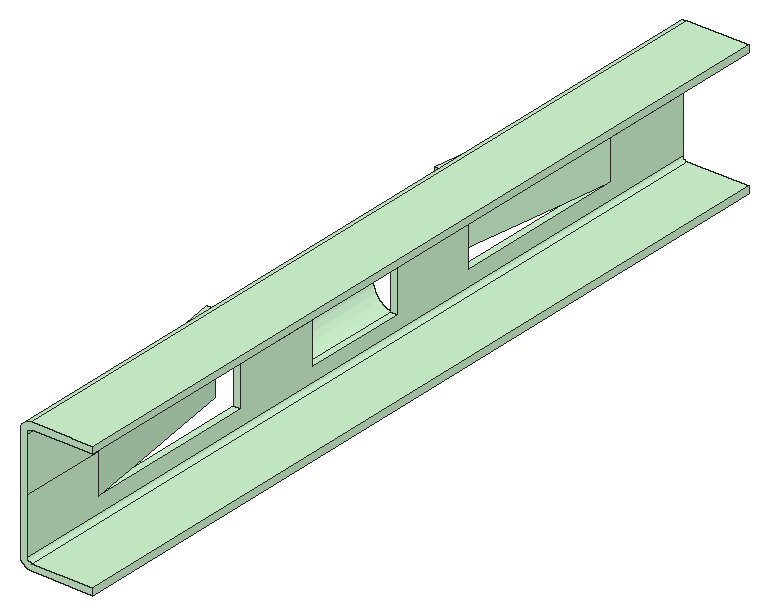
Revit family "SQ-C19ジョイント", category 機械設備, Revit 2020
Family settings
  丸型コネクタ寸法 = 直径を使用
  種別 = なし
  パーツ タイプ = 標準
  作業面ベース = いいえ
  常に垂直 = はい
  ロード時にボイドで切り取り = いいえ
  共有 = いいえ
  部屋計算ポイント = いいえ
Parameters
  製造元 = "株式会社桐井製作所"
  既定の高さ = 0 mm
  URL = "https://www.kirii.co.jp/"
  K_品名 = "SQ-C19ジョイント"
  K_名称 = "チャンネルジョイント"
  K_入数 = "500"
  K_バージョン情報 = "20210714"
Reference planes
  plane 1 "中心(正面/背面)": y = 0
  plane 2: z = 0
  plane 3 "中心(左/右)": x = 0
Forms (mm)
  Extrusion 1, solid
    sketch origin (2.7, 0, 0) x (1, 0, 0) y (0, 0, 1)
      loop
        line (-2.7, 7.5) -> (-9.6, 7.5)
        arc (-9.6, 7.5) -> (-10.519, 7.119) -> (-10.9, 6.2) r 1.3
        line (-10.9, 6.2) -> (-10.9, 0) -> (-10.9, -6.2)
        arc (-10.9, -6.2) -> (-10.519, -7.119) -> (-9.6, -7.5) r 1.3
        line (-9.6, -7.5) -> (-2.7, -7.5) -> (-2.7, -6.7) -> (-9.6, -6.7)
        arc (-9.6, -6.7) -> (-9.954, -6.554) -> (-10.1, -6.2) r 0.5
        line (-10.1, -6.2) -> (-10.1, 0) -> (-10.1, 6.2)
        arc (-10.1, 6.2) -> (-9.954, 6.554) -> (-9.6, 6.7) r 0.5
        line (-9.6, 6.7) -> (-2.7, 6.7) -> (-2.7, 7.5)
    from -46 to 46
  Extrusion 2, solid
    sketch origin (0, 0, 0) x (1, 0, 0) y (0, 0, 1)
      loop
        line (-8.2, 4.661) -> (-8.2, 5.5)
        arc (-8.2, 5.5) -> (-10.367, 4) -> (-11.2, 1.5) r 4.167
        line (-11.2, 1.5) -> (-11.2, 0) -> (-11.2, -1.5)
        arc (-11.2, -1.5) -> (-10.367, -4) -> (-8.2, -5.5) r 4.167
        line (-8.2, -5.5) -> (-8.2, -4.661)
        arc (-8.2, -4.661) -> (-9.802, -3.428) -> (-10.409, -1.5) r 3.367
        line (-10.409, -1.5) -> (-10.409, 0) -> (-10.409, 1.5)
        arc (-10.409, 1.5) -> (-9.802, 3.428) -> (-8.2, 4.661) r 3.367
    from -6 to 6
  Extrusion 3, void
    sketch origin (0, 0, 0) x (0, 1, 0) y (0, 0, 1)
      loop
        line (-36, 4.5) -> (-36, -4.5) -> (-16, -4.5) -> (-16, 4.5) -> (-36, 4.5)
      loop
        line (15.881, 4.5) -> (15.881, -4.5) -> (36, -4.5) -> (36, 4.5) -> (15.881, 4.5)
    from -8.2 to -7.4
  Extrusion 4, solid
    sketch origin (0, 0, 0) x (1, 0, 0) y (0, 1, 0)
      loop
        line (-8.2, 36) -> (-11.2, 16) -> (-10.409, 15.881) -> (-7.4, 36) -> (-8.2, 36)
      loop
        line (-8.2, -36) -> (-7.4, -36) -> (-10.409, -15.881) -> (-11.2, -16) -> (-8.2, -36)
    from -4.5 to 4.5
  Extrusion 5, void
    sketch origin (0, 0, 0) x (0, 1, 0) y (0, 0, 1)
      loop
        line (-6, 4.661) -> (-6, -4.661) -> (6, -4.661) -> (6, 4.661) -> (-6, 4.661)
    from -8.2 to -7.4
Cuts and joins
  Extrusion 3, Extrusion 5 cuts Extrusion 1
  joined: Extrusion 1, Extrusion 2, Extrusion 4
Dimensions and locks
  aligned and locked: level to plane 2
